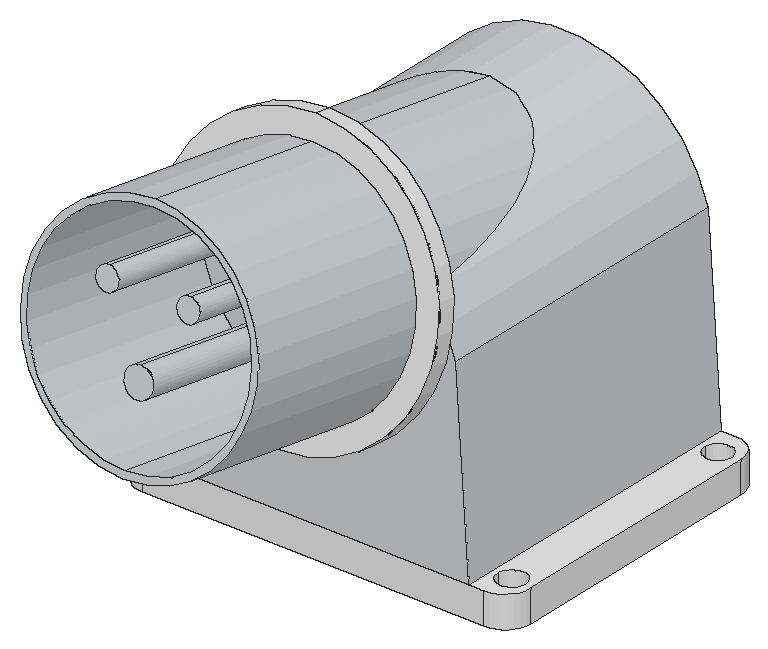
Revit family "Building-ConnessioniIEC309-GEWISS-IEC309HP-SPINE_FISSE_PAR_90°_16A_IP44", category Apparecchi elettrici, host Superficie, Revit 2019
Family settings
  Host = Superficie
  Mantenere orientamento annotazione = Sì
  Quota connettore circolare = Usa diametro
  Tipo di parte = Normale
  Taglio con vuoti quando caricato = No
  Condiviso = Sì
  Punto di calcolo locali = Sì
Parameters (values of type "GW60411 - SPINA 90°PAR.PROT.3P+N+T 16A 500V 7H")
  simbolo acceso [instance] = yes
  distanza_simbolo [instance] = 1 mm
  distanza dal piano [instance] = 0 mm
  W = 115 mm  # constant formula
  Versione file RFA = "21.11"
  URL = "https://www.gewiss.com/it/it"
  Tipologia = "Spina fissa da parete 90°"
  Tipo Cablaggio = "A vite"
  Termopressione con biglia = "125 °C (Parti attive) - 80 °C (Parti passive)"
  Tensione nominale = "480-500V"
  Temperatura di utilizzo = "-25 +55 °C"
  Spostamento_effettivo_S [instance] = 4000 mm - Spostamento_S  # 3037.5 mm
  Spostamento_S = 962.5 mm
  Sovraccarico ammissibile = "22A"
  Scheda Tecnica = "https://www.gewiss.com/it/it/search?q=GW60411"
  SPinotto = Default(2)
  SEO = "Spina"
  Riferimento h = "7"
  Resistenza di isolamento = "- 10 M?"
  Resistenza agli urti = "IK08"
  Default Elevation = 1219.2 mm
  Produttore = "GEWISS S.p.A."
  Potere d'interruzione a 1,1 Un = "20A"
  Piastra = Default(2)
  N. poli = "3P+N+T"
  N. Manovre complessive = "-5000"
  Modello = "GW60411"
  L = 155 mm  # constant formula
  Immagine tipo = (empty or 0)
  IDT = "842d9d63efac4f9c902d1d7b39d4ddf7"
  IDF = "6b9c1587-2fd3-4414-bc3f-e6d2cf87f7e3"
  Grado di protezione = "IP44"
  Glow wire test: = "850 °C (Parti attive) - 650 °C (Parti passive)"
  Frequenza = "50/60 Hz"
  FORMULA = 1000 mm * 1  # 1000 mm
  Descrizione = "SPINA 90°PAR.PROT.3P+N+T 16A 500V 7H"
  Creato da GEWISS S.p.A. = ""
  Corrente nominale (A) = "16"
  Corpo centrale = Default(2)
  Colore: = "Nero"
  Codice Electrocod = "2230"
  Catalogo = "BUILDING"
  CapacitÃ  serraggio morsetti = "1-2,5 mm² cavi flessibili - 1,5-4 mm² cavi rigidi"
  COBie.Tagnumber = ""
  COBie.CreatedOn = ""
  COBie.CreatebBy = ""
  COBie.ComponentRegisterItemID = ""
  COBie.Component.TagNumber = ""
  COBie.Component.Space = ""
  COBie.Component.SerialNumber = ""
  COBie.Component.InstallationDate = ""
  COBie.Component.Description = ""
  COBie.Component.BarCode = ""
  BLOCCO = "B=C"
Types (11, lengths in mm): name | Tensione nominale | Scheda Tecnica | Riferimento h | N. poli | Modello | IDT | Descrizione | Colore:
  GW60401 - SPINA 90°PAR.PROT.2P+T 16A 110V 4H | "100-130V" | "https://www.gewiss.com/it/it/search?q=GW60401" | "4" | "2P+T" | "GW60401" | "dd282c7ec9404feb9908b4ee4d0528da" | "SPINA 90°PAR.PROT.2P+T 16A 110V 4H" | "Giallo"
  GW60402 - SPINA 90°PAR.PROT.3P+T 16A 110V 4H | "100-130V" | "https://www.gewiss.com/it/it/search?q=GW60402" | "4" | "3P+T" | "GW60402" | "41b85443c9b549c69e8ee6e2095b8cbb" | "SPINA 90°PAR.PROT.3P+T 16A 110V 4H" | "Giallo"
  GW60403 - SPINA 90°PAR.PROT.3P+N+T 16A 110V 4H | "100-130V" | "https://www.gewiss.com/it/it/search?q=GW60403" | "4" | "3P+N+T" | "GW60403" | "4476b72e9a894acb9733fd0dd0178874" | "SPINA 90°PAR.PROT.3P+N+T 16A 110V 4H" | "Giallo"
  GW60404 - SPINA 90°PAR.PROT.2P+T 16A 230V 6H | "200-250V" | "https://www.gewiss.com/it/it/search?q=GW60404" | "6" | "2P+T" | "GW60404" | "9a9bff77fa3f4a938e00d8f812caa1b5" | "SPINA 90°PAR.PROT.2P+T 16A 230V 6H" | "Blu"
  GW60405 - SPINA 90°PAR.PROT.3P+T 16A 230V 9H | "200-250V" | "https://www.gewiss.com/it/it/search?q=GW60405" | "9" | "3P+T" | "GW60405" | "7283608bdeb44a34bce215bc55ce2742" | "SPINA 90°PAR.PROT.3P+T 16A 230V 9H" | "Blu"
  GW60406 - SPINA 90°PAR.PROT.3P+N+T 16A 230V 9H | "200-250V" | "https://www.gewiss.com/it/it/search?q=GW60406" | "9" | "3P+N+T" | "GW60406" | "d3368537618e4e0f8726e9c1388d5d0b" | "SPINA 90°PAR.PROT.3P+N+T 16A 230V 9H" | "Blu"
  GW60407 - SPINA 90°PAR.PROT.2P+T 16A 400V 9H | "380-415V" | "https://www.gewiss.com/it/it/search?q=GW60407" | "9" | "2P+T" | "GW60407" | "506db45d25b94d43bdc5c2af0ccd532a" | "SPINA 90°PAR.PROT.2P+T 16A 400V 9H" | "Rosso"
  GW60408 - SPINA 90°PAR.PROT.3P+T 16A 400V 6H | "380-415V" | "https://www.gewiss.com/it/it/search?q=GW60408" | "6" | "3P+T" | "GW60408" | "1aacc0ad7dee4232896f628964b17748" | "SPINA 90°PAR.PROT.3P+T 16A 400V 6H" | "Rosso"
  GW60409 - SPINA 90°PAR.PROT.3P+N+T 16A 400V 6H | "380-415V" | "https://www.gewiss.com/it/it/search?q=GW60409" | "6" | "3P+N+T" | "GW60409" | "7a6abe0d22224a75bb993c0456b9c2e3" | "SPINA 90°PAR.PROT.3P+N+T 16A 400V 6H" | "Rosso"
  GW60410 - SPINA 90°PAR.PROT.3P+T 16A 500V 7H | "480-500V" | "https://www.gewiss.com/it/it/search?q=GW60410" | "7" | "3P+T" | "GW60410" | "89ffa5ebcbce463e83c9782243dbe423" | "SPINA 90°PAR.PROT.3P+T 16A 500V 7H" | "Nero"
  GW60411 - SPINA 90°PAR.PROT.3P+N+T 16A 500V 7H | "480-500V" | "https://www.gewiss.com/it/it/search?q=GW60411" | "7" | "3P+N+T" | "GW60411" | "842d9d63efac4f9c902d1d7b39d4ddf7" | "SPINA 90°PAR.PROT.3P+N+T 16A 500V 7H" | "Nero"
Reference planes
  plane 1 "Centro (Fronte/Retro)": y = 0
  plane 2: z = 0
  plane 3 "Centro (Sinistra/Destra)": x = 0
  plane 4: x = -3000
  plane 5: x = 37.5
  plane 6: z = 0
Dimensions and locks
  plane 4 to plane 3 "Centro (Sinistra/Destra)" = 3000 mm
  "Spostamento_effettivo_S": plane 4 to plane 5
  "distanza dal piano": plane 6 to plane 2
  aligned and locked: plane 2 to host face
  aligned and locked: level to host face
  aligned and locked: plane 3 "Centro (Sinistra/Destra)" to nested 1
  aligned and locked: plane 1 "Centro (Fronte/Retro)" to nested 1
  aligned and locked: nested 2 to plane 5
  aligned and locked: nested 1 to host face
  aligned and locked: nested 1 to import instance
  aligned and locked: import instance to nested 1
Automatic sketch dimensions
  host sketch curve to host sketch curve = 2438.4 mm  (x2)
Nested families
  nested 1: "base - IEC309 SPINE FISSE PARETE 90° 16A IP44" at (0, 0, 0), type "base - IEC309 SPINE FISSE PARETE 90° 16A IP44"
  nested 2: "simbolo_circuito_GW60201" at (37.5, 171.559, 0), visible <- "simbolo acceso", Distanza dal muro <- "distanza_simbolo", type "3P"
    with SIMBOLO ACCESO yes, Distanza dal muro 1 mm
Connectors
  electrical at (37.5, 30, 0)
    settings: on nested 1, index 1, voltage 0 V, apparent load 0 VA, apparent load phase1 0 VA, apparent load phase2 0 VA, apparent load phase3 0 VA, power factor 1, load classification "Altro", number of poles 1, system type 31, power factor state 1, is connector primary yes, connector utility no, sub classification motor no, connector description ""
Definition of nested family "base - IEC309 SPINE FISSE PARETE 90° 16A IP44"
  Parameters (values of type "base - IEC309 SPINE FISSE PARETE 90° 16A IP44")
    sp_ghiera = 16 mm
    h = 60 mm
    dis_base = 71 mm
    Spinotto = none
    PIASTRA = none
    Lunghezza totale = 140 mm
    CENTRALE = none
    Bsae = 75 mm
  Reference planes
    plane 1 "Centro (Fronte/Retro)": y = 0
    plane 2: z = 0
    plane 3 "Centro (Sinistra/Destra)": x = 0
    plane 4 "EEE": through (4267.2, -291.041, 143.375) normal (0, -0.788, -0.6157)
    plane 5: x = 48
    plane 6: x = 75
    plane 7: y = 60
    plane 8: z = 6
    plane 9: y = 54.607
    plane 10: y = 5.392
    plane 11: x = 37.5
    plane 12: y = 30
    plane 13: through (4267.2, -43.825, 42.63) normal (0, 0.1727, 0.985)
    plane 14: x = 4.026
    plane 15: x = 70.974
  Forms (mm)
    Extrusion 1, solid, material <- "PIASTRA"
      sketch origin (0, 0, 0) x (1, 0, 0) y (0, 1, 0)
        loop
          arc (5, 60) -> (1.464, 58.536) -> (0, 55) r 5
          line (0, 55) -> (0, 5)
          arc (0, 5) -> (1.464, 1.464) -> (5, 0) r 5
          line (5, 0) -> (70, 0)
          arc (70, 0) -> (73.536, 1.464) -> (75, 5) r 5
          line (75, 5) -> (75, 55)
          arc (75, 55) -> (73.536, 58.536) -> (70, 60) r 5
          line (70, 60) -> (5, 60)
      from 0 to 6
    Extrusion 2, void
      sketch origin (0, 0, 0) x (1, 0, 0) y (0, 1, 0)
        loop
          circle (4.026, 54.607) r 2.665
        loop
          circle (70.974, 54.607) r 2.602
        loop
          circle (70.974, 5.392) r 2.692
        loop
          circle (4.026, 5.392) r 2.603
      from 0 to 6
    Extrusion 3, solid
      sketch origin (0, 0, 0) x (1, 0, 0) y (0, 0, 1)
        loop
          line (7.941, 6) -> (67.059, 6) -> (64.647, 43.199)
          arc (64.647, 43.199) -> (37.5, 64.029) -> (10.353, 43.199) r 28.105
          line (10.353, 43.199) -> (7.941, 6)
      from -60 to 0
    Sweep 4, solid
      path origin (0, -3.798, -2.5) x (0, 1, 0) y (0, 0, 1)
        loop
          line (54.607, 42.153) -> (-37.712, 58.335)
      profile origin (0, 4.649, 47.744) x (0, -0.17265, -0.984983) y (1, 0, 0)
        loop
          circle (0, 37.5) r 22.5
        loop
          circle (0, 37.5) r 21.28
    Sweep 5, solid
      path origin (0, 0, 1.111) x (0, 1, 0) y (0, 0, 1)
        loop
          line (-4.052, 48.151) -> (-0.706, 47.561)
      profile origin (0, -2.379, 48.967) x (0, 0.173648, 0.984808) y (1, 0, 0)
        loop
          circle (0, 37.5) r 27
        loop
          circle (0, 37.5) r 22.511
    Sweep 6, solid
      path origin (37.5, 0, 6.16) x (0, 1, 0) y (0, 0, 1)
        loop
          line (-41.579, 42.236) -> (0, 34.948)
      profile origin (37.5, -20.79, 44.752) x (0, 0.17265, 0.984983) y (1, 0, 0)
        loop
          circle (0, 0) r 2.8
    Sweep 7, solid
      path origin (29.778, 0, 20.668) x (0, 1, 0) y (0, 0, -1)
        loop
          line (-39.399, -41.854) -> (0, -34.948)
      profile origin (29.778, -19.7, 59.069) x (0, -0.17265, -0.984983) y (-1, 0, 0)
        loop
          circle (0, 0) r 2.2
    Sweep 8, solid
      path origin (45.222, 0, 20.668) x (0, 1, 0) y (0, 0, 1)
        loop
          line (-39.399, 41.854) -> (0, 34.948)
      profile origin (45.222, -19.7, 59.069) x (0, 0.17265, 0.984983) y (1, 0, 0)
        loop
          circle (0, 0) r 2.2
  Cuts and joins
    Extrusion 2 cuts Extrusion 1
    joined: Extrusion 3, Sweep 4, Sweep 6, Sweep 7
  Lines and regions (mm)
    symbolic lines
      curve 1: line (265.256, 320.85, 0) -> (277.43, 320.85, 0)
  Dimensions and locks
    "Bsae": plane 3 "Centro (Sinistra/Destra)" to plane 6
    "h": plane 1 "Centro (Fronte/Retro)" to plane 7
    plane 8 to level = 6 mm
    locked: plane 1 "Centro (Fronte/Retro)" to plane 10 at 5.392
    equal spacing: plane 3 "Centro (Sinistra/Destra)", plane 11, plane 6
    locked: plane 7 to plane 9 at 5.393
    equal spacing: plane 1 "Centro (Fronte/Retro)", plane 12, plane 7
    locked: plane 8 to plane 2 at 6
    locked: plane 3 "Centro (Sinistra/Destra)" to plane 14 at 4.026
    locked: plane 15 to plane 6 at 4.026
    radius of Extrusion 1 sketch curve = 5 mm  (x4)
    aligned and locked: level to plane 2
    aligned and locked: Extrusion 1 to level
    aligned and locked: plane 8 to Extrusion 1
    aligned and locked: Extrusion 2 to level
    aligned and locked: plane 8 to Extrusion 2
    aligned and locked: cut or joined group of Extrusion 3, Sweep 4, Sweep 6, Sweep 7 to plane 8
    aligned and locked: plane 11 to Sweep 4 sketch curve  (x2)
    aligned and locked: plane 11 to Sweep 5 sketch curve  (x2)
    aligned and locked: plane 14 to Extrusion 2 sketch curve  (x2)
    aligned and locked: plane 15 to Extrusion 2 sketch curve  (x2)
    aligned and locked: Sweep 7 sketch curve to Sweep 8
  Automatic sketch dimensions
    curve 1 to plane 6 = 190.256 mm
    plane 7 to curve 1 = 260.85 mm
    curve 1 to curve 1 = 12.174 mm
    Extrusion 1 sketch curve to plane 3 "Centro (Sinistra/Destra)" = 0 mm
    Extrusion 1 sketch curve to plane 7 = 0 mm
    plane 1 "Centro (Fronte/Retro)" to Extrusion 1 sketch curve = 0 mm
    Extrusion 1 sketch curve to plane 6 = 0 mm
    Extrusion 2 sketch curve to plane 9 = 0 mm  (x2)
    Extrusion 2 sketch curve to plane 10 = 0 mm  (x2)
    plane 1 "Centro (Fronte/Retro)" to Sweep 4 sketch curve = 41.51 mm
    Sweep 4 sketch curve to plane 9 = 3.798 mm
    plane 8 to Sweep 4 sketch curve = 33.653 mm
    plane 8 to Sweep 4 sketch curve = 49.835 mm
    Sweep 4 sketch curve to Sweep 4 sketch curve = 0 mm
    Sweep 4 sketch curve to profile plane = 0 mm
    plane 1 "Centro (Fronte/Retro)" to Sweep 5 sketch curve = 4.052 mm
    plane 1 "Centro (Fronte/Retro)" to Sweep 5 sketch curve = 0.706 mm
    plane 8 to Sweep 5 sketch curve = 42.672 mm
    Sweep 5 sketch curve to Sweep 5 sketch curve = 0.59 mm
    Sweep 5 sketch curve to Sweep 5 sketch curve = 0 mm
    Sweep 5 sketch curve to profile plane = 0 mm
    Sweep 6 sketch curve to profile plane = 0 mm  (x2)
    profile plane to Sweep 7 sketch curve = 0 mm
    Sweep 7 sketch curve to profile plane = 0 mm
    Sweep 8 sketch curve to profile plane = 0 mm  (x2)
    Extrusion 3 sketch curve to plane 8 = 0 mm
    Extrusion 3 sketch curve to plane 11 = 0 mm
    plane 8 to Extrusion 3 sketch curve = 29.925 mm
    Extrusion 3 sketch curve to Extrusion 3 sketch curve = 7.274 mm
    plane 3 "Centro (Sinistra/Destra)" to Extrusion 3 sketch curve = 10.353 mm
    plane 3 "Centro (Sinistra/Destra)" to Extrusion 3 sketch curve = 7.941 mm
    plane 6 to Extrusion 3 sketch curve = 10.353 mm
    plane 6 to Extrusion 3 sketch curve = 7.941 mm
    Sweep 8 sketch curve to plane 1 "Centro (Fronte/Retro)" = 0 mm
    plane 8 to Sweep 8 sketch curve = 49.616 mm
    plane 1 "Centro (Fronte/Retro)" to Sweep 8 sketch curve = 39.399 mm
    Sweep 8 sketch curve to Sweep 8 sketch curve = 6.906 mm
    Sweep 7 sketch curve to plane 1 "Centro (Fronte/Retro)" = 0 mm
    plane 1 "Centro (Fronte/Retro)" to Sweep 7 sketch curve = 39.399 mm
    Sweep 7 sketch curve to Sweep 7 sketch curve = 6.906 mm
    Sweep 6 sketch curve to plane 1 "Centro (Fronte/Retro)" = 0 mm
    plane 8 to Sweep 6 sketch curve = 35.108 mm
    plane 1 "Centro (Fronte/Retro)" to Sweep 6 sketch curve = 41.579 mm
    Sweep 6 sketch curve to Sweep 6 sketch curve = 7.288 mm
    radius of Extrusion 2 sketch curve = 2.665 mm
    radius of Extrusion 2 sketch curve = 2.602 mm
    radius of Extrusion 2 sketch curve = 2.692 mm
    radius of Extrusion 2 sketch curve = 2.603 mm
    radius of Sweep 4 sketch curve = 22.5 mm
    radius of Sweep 4 sketch curve = 21.28 mm
    radius of Sweep 5 sketch curve = 27 mm
    radius of Sweep 5 sketch curve = 22.511 mm
    radius of Sweep 6 sketch curve = 2.8 mm
    radius of Sweep 7 sketch curve = 2.2 mm
    radius of Sweep 8 sketch curve = 2.2 mm
Definition of nested family "simbolo_circuito_GW60201"
  Parameters (values of type "3P")
    SIMBOLO ACCESO [instance] = yes
    Distanza dal muro [instance] = 0 mm
  Reference planes
    plane 1: y = 0
    plane 2: x = 0
  Dimensions and locks
    "Distanza dal muro": plane 1 to nested 1
    aligned and locked: plane 2 to nested 1
  Nested families
    nested 1: "simbolo_circuito_GW60201_base" at (0, 0, 0), visible <- "SIMBOLO ACCESO", type "3P"
      with CORNICE SIMBOLO yes
  Definition of nested family "simbolo_circuito_GW60201_base"
    Parameters (values of type "3P")
      CORNICE SIMBOLO [instance] = yes
      3P = yes
    Types (2, lengths in mm): name | 3P
      3P | yes
      2P | no
    Reference planes
      plane 1: y = 0
      plane 2: x = 0
    Lines and regions (mm)
      detail lines
        curve 1: arc (0.298, 0.46, 0) -> (0, 0.758, 0) -> (-0.298, 0.46, 0) r 0.298
        curve 2: arc (0.139, 0.652, 0) -> (0, 0.731, 0) -> (-0.139, 0.652, 0) r 0.163
        curve 3: arc (-0.139, 0.106, 0) -> (0, 0.027, 0) -> (0.139, 0.106, 0) r 0.163
        curve 4: circle (0, 2.381, 0) r 0.05 normal (0, 0, 1)
        curve 5: line (0, 3.386, 0) -> (0, 0.758, 0)
        curve 6: line (-0.139, 0.652, 0) -> (-0.139, 0.106, 0)
        curve 7: line (0.139, 0.652, 0) -> (0.139, 0.106, 0)
      detail lines, not visible
        curve 8: arc (2.679, 0.46, 0) -> (2.381, 0.758, 0) -> (2.083, 0.46, 0) r 0.298
        curve 9: arc (2.52, 0.652, 0) -> (2.381, 0.731, 0) -> (2.241, 0.652, 0) r 0.163
        curve 10: arc (2.241, 0.106, 0) -> (2.381, 0.027, 0) -> (2.52, 0.106, 0) r 0.163
        curve 11: circle (2.381, 2.381, 0) r 0.05 normal (0, 0, 1)
        curve 12: line (2.381, 3.386, 0) -> (2.381, 0.758, 0)
        curve 13: line (2.241, 0.652, 0) -> (2.241, 0.106, 0)
        curve 14: line (2.52, 0.652, 0) -> (2.52, 0.106, 0)
